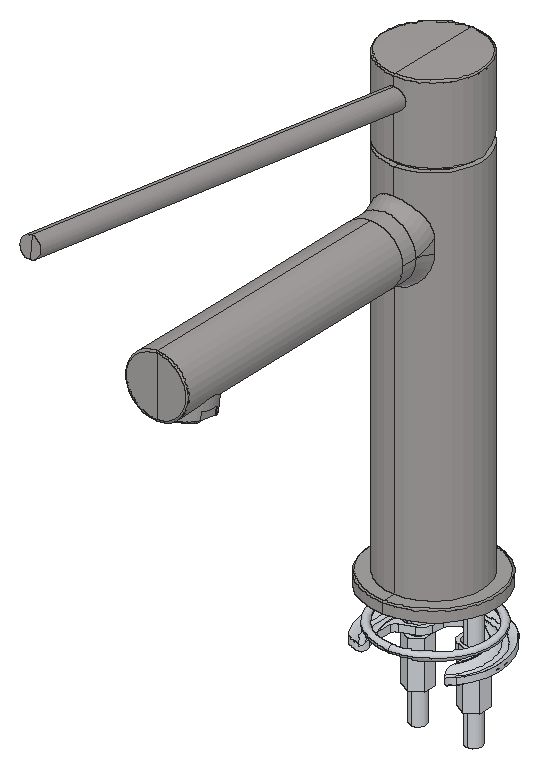
Revit family "Reece_Tap_Mizu_Drift_Basin Mixer_Straight_Extended Lever", category Plumbing Fixtures, host Face, Revit 2018
Family settings
  Host = Face
  Round Connector Dimension = Use Diameter
  Part Type = Normal
  Cut with Voids When Loaded = No
  Shared = Yes
  Room Calculation Point = Yes
Parameters (values of type "121 mm_Brushed Gunmetal")
  WFU = 0  # constant formula
  URL = "https://www.reece.com.au/product/-2267429"
  Type Comments = "Tap"
  Reece_Tap_Reach = 121.0 mm  # constant formula
  Reece_Tap_Inlet = 12.0 mm  # constant formula
  Reece_Tap_Clearance = 113.0 mm  # constant formula
  Reece_Product_Web Page = "https://www.reece.com.au/product/-2267429"
  Reece_Product_Type = "Tap"  # constant formula
  Reece_Product_Sub Brand = "Drift"  # constant formula
  Reece_Product_Number = "2267429"
  Reece_Product_Mount = "Hob Mounted"  # constant formula
  Reece_Product_Description = "Mizu Drift Basin Mixer Straight Spout with Extended Lever Tap Brushed Gunmetal (6 Star) Lead Free"
  Reece_Product_Brand = "Mizu"  # constant formula
  Reece_Overall_Length = 220.0 mm  # constant formula
  Reece_Overall_Height = 206.0 mm  # constant formula
  Reece_Nozzle_Pipe Radius = 12.0 mm  # constant formula
  Reece_Material_Main = Reece_Brass_Brushed Gunmetal
  Reece_Detail_Shape = "Straight"  # constant formula
  Reece_Detail_Installation = ""
  Reece_Detail_Disclaimer = "THIS FILE IS THE PROPERTY OF THE REECE GROUP. IT MAY NOT BE REPRODUCED, REVERSE-ENGINEERED, OR MODIFIED. ANY REPUBLICATION, TRANSMISSION, OR DISTRIBUTION FOR THE PURPOSE OF COMMERCIALLY EXPLOITING THE FILES IS PROHIBITED."  # constant formula
  Reece_Detail_Connector = ""
  Reece_Detail_Additional = "Extended Lever"  # constant formula
  Model = "Drift"
  Manufacturer = "Mizu"
  Keynote = "Product #2267429, Reece_Tap_Mizu_Drift_Basin Mixer_Straight_Extended Lever - 121 mm_Brushed Gunmetal"
  HWFU = 0  # constant formula
  Disclaimer = "THIS FILE IS THE PROPERTY OF THE REECE GROUP. IT MAY NOT BE REPRODUCED, REVERSE-ENGINEERED, OR MODIFIED. ANY REPUBLICATION, TRANSMISSION, OR DISTRIBUTION FOR THE PURPOSE OF COMMERCIALLY EXPLOITING THE FILES IS PROHIBITED."  # constant formula
  Description = "Mizu Drift Basin Mixer Straight Spout with Extended Lever Tap Brushed Gunmetal (6 Star) Lead Free"
  Default Elevation = 1000.0 mm
  CWFU = 0  # constant formula
Types (6, lengths in mm): name | URL | Reece_Product_Web Page | Reece_Product_Number | Reece_Product_Description | Reece_Material_Main | Keynote | Description
  121 mm_Brushed Nickel | "https://www.reece.com.au/product/-2267418" | "https://www.reece.com.au/product/-2267418" | "2267418" | "Mizu Drift Basin Mixer Straight Spout with Extended Lever Tap Brushed Nickel (6 Star) Lead Free" | Reece_Brass_Brushed Nickel | "Product #2267418, Reece_Tap_Mizu_Drift_Basin Mixer_Straight_Extended Lever - 121 mm_Brushed Nickel" | "Mizu Drift Basin Mixer Straight Spout with Extended Lever Tap Brushed Nickel (6 Star) Lead Free"
  121 mm_Chrome | "https://www.reece.com.au/product/-2267416" | "https://www.reece.com.au/product/-2267416" | "2267416" | "Mizu Drift Basin Mixer Straight Spout with Extended Lever Tap Chrome (6 Star) Lead Free" | Reece_Brass_Chrome | "Product #2267416, Reece_Tap_Mizu_Drift_Basin Mixer_Straight_Extended Lever - 121 mm_Chrome" | "Mizu Drift Basin Mixer Straight Spout with Extended Lever Tap Chrome (6 Star) Lead Free"
  121 mm_Matte Black | "https://www.reece.com.au/product/-2267417" | "https://www.reece.com.au/product/-2267417" | "2267417" | "Mizu Drift Basin Mixer Straight Spout with Extended Lever Tap Matte Black (6 Star) Lead Free" | Reece_Brass_Matte Black | "Product #2267417, Reece_Tap_Mizu_Drift_Basin Mixer_Straight_Extended Lever - 121 mm_Matte Black" | "Mizu Drift Basin Mixer Straight Spout with Extended Lever Tap Matte Black (6 Star) Lead Free"
  121 mm_Brushed Gunmetal | "https://www.reece.com.au/product/-2267429" | "https://www.reece.com.au/product/-2267429" | "2267429" | "Mizu Drift Basin Mixer Straight Spout with Extended Lever Tap Brushed Gunmetal (6 Star) Lead Free" | Reece_Brass_Brushed Gunmetal | "Product #2267429, Reece_Tap_Mizu_Drift_Basin Mixer_Straight_Extended Lever - 121 mm_Brushed Gunmetal" | "Mizu Drift Basin Mixer Straight Spout with Extended Lever Tap Brushed Gunmetal (6 Star) Lead Free"
  121 mm_Brushed Brass | "https://www.reece.com.au/product/-2267428" | "https://www.reece.com.au/product/-2267428" | "2267428" | "Mizu Drift Basin Mixer Straight Spout with Extended Lever Tap Brushed Brass (6 Star) Lead Free" | Reece_Brass_Brushed | "Product #2267428, Reece_Tap_Mizu_Drift_Basin Mixer_Straight_Extended Lever - 121 mm_Brushed Brass" | "Mizu Drift Basin Mixer Straight Spout with Extended Lever Tap Brushed Brass (6 Star) Lead Free"
  121 mm_Brushed Bronze | "https://www.reece.com.au/product/-2298928" | "https://www.reece.com.au/product/-2298928" | "2298928" | "Mizu Drift Basin Mixer Straight Spout with Extended Lever Tap Brushed Bronze (6 Star) Lead Free" | Reece_Brass_Brushed Bronze | "Product #2298928, Reece_Tap_Mizu_Drift_Basin Mixer_Straight_Extended Lever - 121 mm_Brushed Bronze" | "Mizu Drift Basin Mixer Straight Spout with Extended Lever Tap Brushed Bronze (6 Star) Lead Free"
Reference planes
  plane 1 "Center (Front/Back)": y = 0
  plane 2: z = 0
  plane 3 "Center (Left/Right)": x = 0
  plane 4: y = -19
  plane 5 "Top": z = 185
  plane 6: y = 24.5
  plane 7: y = -121
  plane 8: z = 113
  plane 9: through (0, -123.727, 93.965) normal (0, -0.9903, 0.1392)
  plane 10: through (0, -18.335, 174.209) normal (0, -0.9998, -0.0216)
  plane 11: z = 206
  plane 12: y = -195.5
Forms (mm)
  Revolve 1, solid, material "Reece_Brass_Brushed Gunmetal" <- "Reece_Material_Main"
    sketch origin (0, 0, 0) x (0, 1, 0) y (0, 0, 1)
      loop
        line (-19, 152.8) -> (-19, 4.5) -> (-17.5, 4.5) -> (-17.5, 7) -> (0, 7) -> (0, 157.8) -> (-13.55, 157.8) -> (-13.55, 161.484)
        arc (-13.55, 161.484) -> (-15.733, 157.339) -> (-16.892, 152.8) r 20
        line (-16.892, 152.8) -> (-19, 152.8)
      axis (0, 161.484) -> (0, 4.5)
    angle from 0 to 360
  Revolve 2, solid, material "Reece_Brass_Brushed Gunmetal" <- "Reece_Material_Main"
    sketch origin (0, 0, 0) x (0, 1, 0) y (0, 0, 1)
      loop
        line (-17.5, 4.5) -> (-24, 4.5)
        arc (-24, 4.5) -> (-24.354, 4.354) -> (-24.5, 4) r 0.5
        line (-24.5, 4) -> (-24.5, 0) -> (-22, 0) -> (-22, -1) -> (-18, -1) -> (-18, 2) -> (-16.5, 2) -> (-16.5, 5.5) -> (-17.5, 5.5) -> (-17.5, 4.5)
      axis (0, 5.5) -> (0, -1)
    angle from 0 to 360
  Revolve 3, solid, material "Reece_Brass_Brushed Gunmetal" <- "Reece_Material_Main"
    sketch origin (0, 0, 1) x (0, 1, 0) y (0, 0, 1)
      loop
        line (-19, 153.55) -> (-17.852, 153.55) -> (-17.5, 158.59) -> (-17.5, 162.3) -> (0, 162.3) -> (0, 184)
        arc (0, 184) -> (-9.246, 183.907) -> (-18.489, 183.63) r 465.11
        arc (-18.489, 183.63) -> (-18.852, 183.467) -> (-19, 183.099) r 0.532
        line (-19, 183.099) -> (-19, 153.55)
      axis (0, 184) -> (0, 153.55)
    angle from 0 to 360
  Extrusion 4, void
    sketch origin (0, 21.394, 163.687) x (0, 0.91357, 0.406681) y (1, 0, 0)
      loop
        line (14.799, 24.5) -> (-35.201, 24.5) -> (-35.201, -24.5) -> (14.799, -24.5) -> (14.799, 24.5)
    from 0 to 19
  Revolve 5, void
    sketch origin (0, 0, -1.813) x (0, 1, 0) y (0, 0, 1)
      loop
        line (17.434, 173.743) -> (17.434, 169.75) -> (20.568, 169.75) -> (20.568, 173.743) -> (17.434, 173.743)
      axis (20.568, 169.75) -> (17.434, 169.75)
    angle from 0 to 360
  Revolve 6, solid, material "Reece_Brass_Brushed Gunmetal" <- "Reece_Material_Main"
    sketch origin (0, 0, -1.813) x (0, 1, 0) y (0, 0, 1)
      loop
        arc (19.852, 169.75) -> (19.653, 171.536) -> (19.065, 173.234) r 8.104
        arc (19.065, 173.234) -> (18.801, 173.532) -> (18.419, 173.642) r 0.716
        line (18.419, 173.642) -> (17.555, 173.642) -> (17.555, 169.75) -> (19.852, 169.75)
      axis (17.555, 169.75) -> (19.852, 169.75)
    angle from 0 to 360
  Revolve 7, solid
    sketch origin (0, 0, 0) x (0, 1, 0) y (0, 0, 1)
      loop
        circle (22.2, -14) r 1.3
      axis (1, -14) -> (1, -13)
    angle from 0 to 360
  Extrusion 8, void
    sketch origin (0, 2, 7) x (1, 0, 0) y (0, 1, 0)
      loop
        circle (-7, -9.5) r 6.7
      loop
        circle (-10.749, 4.019) r 3.519
      loop
        circle (10.75, 4) r 3.5
      loop
        circle (7, -9.5) r 6.7
    from 0 to 4
  Extrusion 9, solid
    sketch origin (0, 2, 7) x (0, 1, 0) y (1, 0, 0)
      loop
        circle (4, 10.75) r 3
      loop
        circle (4, -10.75) r 3
    from 0 to 61.5
  Revolve 10, solid
    sketch origin (0, 0, 0) x (0, 1, 0) y (0, 0, 1)
      loop
        arc (18.75, -21.5) -> (21.75, -23) -> (24.75, -21.5) r 3.75
        line (24.75, -21.5) -> (25.75, -21.5) -> (25.75, -19)
        arc (25.75, -19) -> (24.212, -19.499) -> (22.941, -20.498) r 4.61
        arc (22.941, -20.498) -> (21.841, -21) -> (20.728, -20.527) r 1.5
        arc (20.728, -20.527) -> (19.122, -19.398) -> (17.2, -19) r 4.84
        line (17.2, -19) -> (17.2, -21.5) -> (18.75, -21.5)
      axis (0, -19) -> (0, -21.5)
    angle from 0 to 360
  Extrusion 11, solid
    sketch origin (0, 0, -23) x (1, 0, 0) y (0, 1, 0)
      loop
        arc (-9.053, 2.711) -> (-6.961, 7.197) -> (-11.447, 9.289) r 3.5
        line (-11.447, 9.289) -> (-13.326, 8.605)
        arc (-13.326, 8.605) -> (-15.418, 4.119) -> (-10.932, 2.027) r 3.5
        line (-10.932, 2.027) -> (-9.053, 2.711)
      loop
        arc (-5.01, 5.791) -> (-6.06, 3.288) -> (-8.263, 1.702) r 5
        line (-8.263, 1.702) -> (-13.684, -0.271)
        arc (-13.684, -0.271) -> (-14.638, -1.003) -> (-15, -2.15) r 2
        line (-15, -2.15) -> (-15, -8.417)
        arc (-15, -8.417) -> (0, 17.2) -> (15, -8.417) r 17.2
        line (15, -8.417) -> (15, -2.15)
        arc (15, -2.15) -> (14.638, -1.003) -> (13.684, -0.271) r 2
        line (13.684, -0.271) -> (8.263, 1.702)
        arc (8.263, 1.702) -> (6.06, 3.288) -> (5.01, 5.791) r 5
        line (5.01, 5.791) -> (4.466, 10.221)
        arc (4.466, 10.221) -> (0, 14.173) -> (-4.466, 10.221) r 4.5
        line (-4.466, 10.221) -> (-5.01, 5.791)
      loop
        arc (11.447, 9.289) -> (6.961, 7.197) -> (9.053, 2.711) r 3.5
        line (9.053, 2.711) -> (10.932, 2.027)
        arc (10.932, 2.027) -> (15.418, 4.119) -> (13.326, 8.605) r 3.5
        line (13.326, 8.605) -> (11.447, 9.289)
    from 1.5 to 4
  Extrusion 12, void
    sketch origin (0, 0, -23) x (1, 0, 0) y (0, 1, 0)
      loop
        line (27.556, -34.599) -> (27.556, -14.961) -> (20.958, -14.961)
        arc (20.958, -14.961) -> (17.049, -15.272) -> (15, -11.93) r 3.75
        line (15, -11.93) -> (15, -8.417) -> (-15, -8.417) -> (-15, -11.93)
        arc (-15, -11.93) -> (-17.049, -15.272) -> (-20.958, -14.961) r 3.75
        line (-20.958, -14.961) -> (-27.556, -14.961) -> (-27.556, -34.599) -> (27.556, -34.599)
    from 0 to 5
  Extrusion 13, solid
    sketch origin (0, 0, 0) x (1, 0, 0) y (0, 1, 0)
      loop
        circle (10.75, 6) r 3
      loop
        line (10.75, 11.196) -> (6.25, 8.598) -> (6.25, 3.402) -> (10.75, 0.804) -> (15.25, 3.402) -> (15.25, 8.598) -> (10.75, 11.196)
      loop
        circle (-10.75, 6) r 3
      loop
        line (-10.75, 11.196) -> (-15.25, 8.598) -> (-15.25, 3.402) -> (-10.75, 0.804) -> (-6.25, 3.402) -> (-6.25, 8.598) -> (-10.75, 11.196)
    from -41.5 to -23
  Extrusion 14, void
    sketch origin (0, 0, 0) x (1, 0, 0) y (0, 1, 0)
      loop
        circle (0, 0) r 22
    from 0 to -35
  Sweep 15, solid, material "Reece_Brass_Brushed Gunmetal" <- "Reece_Material_Main"
    path origin (0, -0.312, 1.5) x (0, 1, 0) y (0, 0, 1)
      loop
        line (-29.929, 137.5) -> (-23.438, 137.5)
        arc (-23.438, 137.5) -> (-19.902, 138.964) -> (-18.438, 142.5) r 5
        line (-18.438, 142.5) -> (-18.438, 147.5)
    profile origin (0, -26.996, 139) x (0, 0, 1) y (1, 0, 0)
      loop
        arc (-12, -12) -> (0, 0) -> (-12, 12) r 12
        line (-12, 12) -> (-12, -12)
  Sweep 16, solid, material "Reece_Brass_Brushed Gunmetal" <- "Reece_Material_Main"
    path origin (0, -0.312, 252.5) x (0, 1, 0) y (0, 0, -1)
      loop
        line (-29.929, 137.5) -> (-23.438, 137.5)
        arc (-23.438, 137.5) -> (-19.902, 138.964) -> (-18.438, 142.5) r 5
        line (-18.438, 142.5) -> (-18.438, 147.5)
    profile origin (0, -26.996, 115) x (0, 0, 1) y (1, 0, 0)
      loop
        line (12, -12) -> (12, 12)
        arc (12, 12) -> (0, 0) -> (12, -12) r 12
  Revolve 17, solid, material "Reece_Brass_Brushed Gunmetal" <- "Reece_Material_Main"
    sketch origin (0, 21.318, 2) x (0, 1, 0) y (0, 0, 1)
      loop
        line (-51.559, 137) -> (-154.818, 137)
        arc (-154.818, 137) -> (-155.172, 136.854) -> (-155.318, 136.5) r 0.5
        line (-155.318, 136.5) -> (-155.318, 125) -> (-51.559, 125) -> (-51.559, 137)
      axis (-51.559, 125) -> (-155.318, 125)
    angle from 0 to 360
  Revolve 18, solid, material "Reece_Brass_Brushed Gunmetal" <- "Reece_Material_Main"
    sketch origin (0, -0.082, 0) x (0, 1, 0) y (0, 0, 1)
      loop
        arc (-131.276, 115.327) -> (-131.18, 114.957) -> (-130.851, 114.763) r 0.5
        line (-130.851, 114.763) -> (-120.948, 113.371) -> (-118.324, 132.044) -> (-128.721, 133.505) -> (-131.276, 115.327)
      axis (-120.948, 113.371) -> (-118.324, 132.044)
    angle from 0 to 360
  Revolve 19, void
    sketch origin (0, -0.082, 0) x (0, 1, 0) y (0, 0, 1)
      loop
        line (-127.98, 114.668) -> (-129.021, 114.814) -> (-129.194, 113.586) -> (-128.153, 113.44) -> (-127.98, 114.668)
      axis (-121.078, 112.446) -> (-120.905, 113.674)
    angle from 0 to 360
  Extrusion 20, void
    sketch origin (0, -0.082, 0) x (0, 1, 0) y (0, 0, 1)
      loop
        line (-116.403, 116.238) -> (-124.512, 117.474) -> (-125.375, 111.811) -> (-117.134, 110.554) -> (-116.403, 116.238)
    from -11.747 to -9
  Extrusion 21, void
    sketch origin (0, -0.082, 0) x (0, 1, 0) y (0, 0, -1)
      loop
        line (-116.403, -116.238) -> (-117.134, -110.554) -> (-125.375, -111.811) -> (-124.512, -117.474) -> (-116.403, -116.238)
    from -11.747 to -9
  Extrusion 22, solid, material "Reece_Brass_Brushed Gunmetal" <- "Reece_Material_Main"
    sketch origin (0, 0, -116) x (0, 1, 0) y (0, 0, 1)
      loop
        arc (-23.75, 243) -> (-11.729, 238.021) -> (-6.75, 226) r 17
        line (-6.75, 226) -> (-6.75, 260)
        arc (-6.75, 260) -> (-11.729, 247.979) -> (-23.75, 243) r 17
    from -12 to 12
  Revolve 23, solid, material "Reece_Brass_Brushed Gunmetal" <- "Reece_Material_Main"
    sketch origin (0, -229.818, 400.932) x (0, -1, 0) y (0, 0, -1)
      loop
        line (-217.961, 221.636) -> (-35.476, 194.932) -> (-34.897, 198.89) -> (-217.382, 225.594) -> (-217.961, 221.636)
      axis (-217.382, 225.594) -> (-34.897, 198.89)
    angle from 0 to 360
Cuts and joins
  Extrusion 4, Revolve 5 cuts Revolve 3
  joined: Revolve 3, Revolve 23
  Extrusion 8 cuts Extrusion 9
  Extrusion 12 cuts Revolve 10
  Extrusion 8 cuts Revolve 2
  Extrusion 8 cuts Revolve 1
  Revolve 19 cuts Revolve 17
  Revolve 19, Extrusion 20, Extrusion 21 cuts Revolve 18
  joined: Revolve 1, Sweep 15, Sweep 16, Revolve 17, Revolve 18, Extrusion 22
Lines and regions (mm)
  reference lines
    curve 1: line (0, 42.299, 172.993) -> (0, 0.166, 154.237)
Text (mm)
  text "Reece Copyright © 2018, Reece Ltd." at (-747.266, -372.688, 0), in view "Ref. Level"
  text "Reece ©" at (-1.128, 151.197, 130.104), in view "Reece Preview"
Dimensions and locks
  locked: Revolve 1 sketch curve to Revolve 1 sketch curve at 2.5
  Revolve 1 sketch curve to Revolve 1 sketch curve = 19.0 mm
  Revolve 2 sketch curve to Revolve 2 sketch curve = 24.5 mm
  locked: Revolve 2 sketch curve to Revolve 2 sketch curve at 2.5
  locked: Revolve 2 sketch curve to Revolve 2 sketch curve at 3.5
  locked: Revolve 2 sketch curve to Revolve 2 sketch curve at 1
  Revolve 2 sketch curve to Revolve 2 sketch curve = 17.5 mm
  locked: Revolve 2 sketch curve to Revolve 2 sketch curve at 1.5
  Revolve 3 sketch curve to Revolve 3 sketch curve = 19.0 mm
  locked: Revolve 3 sketch curve to Revolve 3 sketch curve at 1.5
  Extrusion 4 sketch curve to curve 1 to Extrusion 4 sketch curve = 24.5 mm, 24.5 mm
  "Reece_Tap_Reach": plane 1 "Center (Front/Back)" to plane 7
  "Reece_Tap_Clearance": plane 8 to level
  "Reece_Overall_Length": plane 6 to plane 12
  "Reece_Overall_Height": plane 11 to level
  angle plane 7 to plane 9 = 8.00°
  aligned and locked: plane 2 to host face
  aligned and locked: level to host face
  aligned and locked: Revolve 3 sketch curve to Revolve 3 sketch curve
Automatic sketch dimensions
  host sketch curve to host sketch curve = 380.785 mm
  host sketch curve to host sketch curve = 317.421 mm
  curve 1 to plane 1 "Center (Front/Back)" = 0.166 mm
  curve 1 to plane 6 = 17.799 mm
  curve 1 to plane 5 "Top" = 12.007 mm
  Revolve 1 sketch curve to plane 4 = 0.0 mm
  Revolve 1 sketch curve to plane 1 "Center (Front/Back)" = 0.0 mm
  Revolve 1 sketch curve to Revolve 1 sketch curve = 1.5 mm
  Revolve 1 sketch curve to Revolve 1 sketch curve = 2.108 mm
  Revolve 1 sketch curve to plane 4 = 5.45 mm
  Revolve 1 sketch curve to plane 1 "Center (Front/Back)" = 2.932 mm
  level to Revolve 1 sketch curve = 4.5 mm
  Revolve 1 sketch curve to Revolve 1 sketch curve = 2.644 mm
  Revolve 1 sketch curve to Revolve 1 sketch curve = 7.644 mm
  Revolve 1 sketch curve to level = 340.81 mm
  plane 5 "Top" to Revolve 1 sketch curve = 2226.37 mm
  Revolve 2 sketch curve to level = 0.0 mm
  Revolve 2 sketch curve to plane 1 "Center (Front/Back)" = 0.0 mm
  Revolve 2 sketch curve to Revolve 2 sketch curve = 0.5 mm
  Revolve 2 sketch curve to level = 1.0 mm
  level to Revolve 2 sketch curve = 2.0 mm
  Revolve 2 sketch curve to Revolve 2 sketch curve = 4.0 mm
  Revolve 2 sketch curve to Revolve 2 sketch curve = 339.81 mm
  plane 5 "Top" to Revolve 2 sketch curve = 2226.37 mm
  Revolve 3 sketch curve to plane 4 = 0.0 mm
  Revolve 3 sketch curve to plane 5 "Top" = 0.0 mm
  Revolve 3 sketch curve to plane 4 = 0.532 mm
  Revolve 3 sketch curve to Revolve 3 sketch curve = 1.148 mm
  Revolve 3 sketch curve to plane 1 "Center (Front/Back)" = 0.055 mm
  Revolve 3 sketch curve to plane 5 "Top" = 0.901 mm
  Revolve 3 sketch curve to Revolve 3 sketch curve = 20.799 mm
  Revolve 3 sketch curve to Revolve 3 sketch curve = 3.71 mm
  Revolve 3 sketch curve to Revolve 3 sketch curve = 5.04 mm
  Revolve 3 sketch curve to level = 280.11 mm
  Revolve 3 sketch curve to Revolve 3 sketch curve = 59.7 mm
  Revolve 3 sketch curve to Revolve 3 sketch curve = 2176.364 mm
  Extrusion 4 sketch curve to curve 1 = 11.965 mm
  Extrusion 4 sketch curve to curve 1 = 8.083 mm
  plane 6 to Revolve 5 sketch curve = 7.066 mm
  Revolve 5 sketch curve to Revolve 5 sketch curve = 3.134 mm
  Revolve 5 sketch curve to plane 5 "Top" = 17.062 mm
  Revolve 5 sketch curve to Revolve 5 sketch curve = 3.993 mm
  Revolve 5 sketch curve to Revolve 5 sketch curve = 2.864 mm
  Revolve 5 sketch curve to plane 6 = 0.07 mm
  Revolve 5 sketch curve to Revolve 5 sketch curve = 0.0 mm
  Revolve 6 sketch curve to plane 1 "Center (Front/Back)" = 11.748 mm
  Revolve 6 sketch curve to Revolve 6 sketch curve = 5.807 mm
  Revolve 6 sketch curve to Revolve 6 sketch curve = 0.864 mm
  Revolve 6 sketch curve to Revolve 6 sketch curve = 2.297 mm
  Revolve 6 sketch curve to plane 5 "Top" = 17.062 mm
  Revolve 6 sketch curve to Revolve 6 sketch curve = 3.177 mm
  Revolve 6 sketch curve to Revolve 6 sketch curve = 0.716 mm
  Revolve 6 sketch curve to Revolve 6 sketch curve = 1.775 mm
  Revolve 6 sketch curve to plane 6 = 1.006 mm
  Revolve 6 sketch curve to Revolve 6 sketch curve = 0.0 mm
  plane 6 to Revolve 7 sketch curve = 2.3 mm
  Revolve 7 sketch curve to level = 14.0 mm  (x2)
  Revolve 7 sketch curve to plane 1 "Center (Front/Back)" = 1.0 mm
  Revolve 7 sketch curve to Revolve 7 sketch curve = 4.102 mm
  Revolve 1 to Extrusion 8 sketch curve = 10.749 mm
  Revolve 1 to Extrusion 8 sketch curve = 7.0 mm
  Extrusion 8 sketch curve to Revolve 1 = 7.0 mm
  Extrusion 8 sketch curve to Revolve 1 = 10.75 mm
  Extrusion 8 sketch curve to Extrusion 8 sketch curve = 0.0 mm
  Extrusion 8 sketch curve to Extrusion 8 sketch curve = 13.5 mm
  Extrusion 8 sketch curve to Extrusion 8 sketch curve = 13.519 mm
  Revolve 1 to Extrusion 9 sketch curve = 10.75 mm
  Extrusion 9 sketch curve to Extrusion 9 sketch curve = 0.0 mm
  Extrusion 9 sketch curve to Revolve 1 = 10.75 mm
  Revolve 10 sketch curve to plane 1 "Center (Front/Back)" = 0.0 mm
  plane 6 to Revolve 10 sketch curve = 7.3 mm
  Revolve 10 sketch curve to Revolve 10 sketch curve = 1.55 mm
  plane 6 to Revolve 10 sketch curve = 2.75 mm
  Revolve 10 sketch curve to Revolve 10 sketch curve = 0.072 mm
  Revolve 10 sketch curve to plane 6 = 0.25 mm
  Revolve 10 sketch curve to plane 6 = 1.25 mm
  Revolve 10 sketch curve to plane 6 = 1.882 mm
  Revolve 10 sketch curve to level = 23.84 mm
  Revolve 10 sketch curve to Revolve 10 sketch curve = 0.274 mm
  Revolve 10 sketch curve to Revolve 10 sketch curve = 2.34 mm
  Revolve 10 sketch curve to Revolve 10 sketch curve = 2.0 mm
  Revolve 10 sketch curve to Revolve 10 sketch curve = 0.25 mm
  Revolve 10 sketch curve to Revolve 10 sketch curve = 2.5 mm  (x2)
  Revolve 10 sketch curve to Revolve 10 sketch curve = 0.0 mm
  Revolve 10 sketch curve to Revolve 10 sketch curve = 316.97 mm
  plane 5 "Top" to Revolve 10 sketch curve = 658.832 mm
  plane 1 "Center (Front/Back)" to Extrusion 11 sketch curve = 0.0 mm
  Extrusion 11 sketch curve to plane 3 "Center (Left/Right)" = 0.0 mm  (x2)
  Extrusion 11 sketch curve to plane 3 "Center (Left/Right)" = 4.466 mm
  Extrusion 11 sketch curve to Extrusion 11 sketch curve = 0.544 mm  (x2)
  Extrusion 11 sketch curve to plane 1 "Center (Front/Back)" = 1.702 mm  (x2)
  Extrusion 11 sketch curve to Extrusion 11 sketch curve = 3.253 mm  (x2)
  Extrusion 11 sketch curve to plane 1 "Center (Front/Back)" = 2.711 mm
  Extrusion 11 sketch curve to Extrusion 11 sketch curve = 0.79 mm  (x2)
  Extrusion 11 sketch curve to Extrusion 11 sketch curve = 0.92 mm  (x2)
  Extrusion 11 sketch curve to Extrusion 11 sketch curve = 0.277 mm  (x2)
  Extrusion 11 sketch curve to plane 1 "Center (Front/Back)" = 2.027 mm  (x2)
  Extrusion 11 sketch curve to Extrusion 11 sketch curve = 1.879 mm  (x6)
  Extrusion 11 sketch curve to Extrusion 11 sketch curve = 1.474 mm  (x2)
  Extrusion 11 sketch curve to Extrusion 11 sketch curve = 2.068 mm  (x2)
  Extrusion 11 sketch curve to plane 1 "Center (Front/Back)" = 8.605 mm
  plane 1 "Center (Front/Back)" to Extrusion 11 sketch curve = 0.271 mm  (x2)
  Extrusion 11 sketch curve to Extrusion 11 sketch curve = 0.684 mm  (x2)
  Extrusion 11 sketch curve to Extrusion 11 sketch curve = 2.0 mm
  plane 3 "Center (Left/Right)" to Extrusion 11 sketch curve = 4.466 mm
  plane 1 "Center (Front/Back)" to Extrusion 11 sketch curve = 2.15 mm
  Extrusion 11 sketch curve to Extrusion 11 sketch curve = 6.266 mm
  Extrusion 11 sketch curve to Extrusion 11 sketch curve = 1.009 mm
  Extrusion 11 sketch curve to Extrusion 11 sketch curve = 3.289 mm
  Extrusion 11 sketch curve to Extrusion 11 sketch curve = 3.08 mm  (x2)
  Extrusion 11 sketch curve to Extrusion 11 sketch curve = 0.401 mm  (x2)
  Extrusion 11 sketch curve to Extrusion 11 sketch curve = 3.882 mm
  Extrusion 11 sketch curve to Extrusion 11 sketch curve = 4.43 mm
  Extrusion 12 sketch curve to plane 3 "Center (Left/Right)" = 27.556 mm
  Extrusion 12 sketch curve to Extrusion 12 sketch curve = 6.599 mm  (x2)
  Extrusion 12 sketch curve to Extrusion 12 sketch curve = 2.208 mm  (x2)
  Extrusion 12 sketch curve to Extrusion 12 sketch curve = 3.75 mm  (x2)
  plane 3 "Center (Left/Right)" to Extrusion 12 sketch curve = 15.0 mm
  plane 4 to Extrusion 12 sketch curve = 15.599 mm
  Extrusion 12 sketch curve to plane 4 = 4.039 mm  (x2)
  Extrusion 12 sketch curve to Extrusion 12 sketch curve = 3.514 mm
  Extrusion 13 sketch curve to plane 3 "Center (Left/Right)" = 15.25 mm
  Extrusion 13 sketch curve to plane 1 "Center (Front/Back)" = 0.804 mm  (x2)
  Extrusion 13 sketch curve to Extrusion 13 sketch curve = 4.5 mm  (x6)
  Extrusion 13 sketch curve to Extrusion 13 sketch curve = 0.0 mm  (x2)
  plane 3 "Center (Left/Right)" to Extrusion 13 sketch curve = 6.25 mm
  Extrusion 13 sketch curve to plane 1 "Center (Front/Back)" = 3.402 mm  (x4)
  Extrusion 13 sketch curve to Extrusion 13 sketch curve = 5.196 mm  (x7)
  Extrusion 13 sketch curve to Extrusion 13 sketch curve = 2.598 mm
  Extrusion 14 sketch curve to Extrusion 14 sketch curve = 0.0 mm  (x2)
  Extrusion 14 sketch curve to plane 3 "Center (Left/Right)" = 0.0 mm
  plane 1 "Center (Front/Back)" to Extrusion 14 sketch curve = 0.0 mm
  plane 4 to Extrusion 14 sketch curve = 3.0 mm
  plane 4 to Sweep 15 sketch curve = 4.75 mm
  Sweep 15 sketch curve to plane 4 = 0.25 mm
  Sweep 15 sketch curve to plane 5 "Top" = 46.0 mm
  Sweep 15 sketch curve to Sweep 15 sketch curve = 6.491 mm
  Sweep 15 sketch curve to plane 5 "Top" = 36.0 mm
  Sweep 15 sketch curve to profile plane = 0.0 mm
  profile plane to Sweep 15 sketch curve = 12.0 mm
  Sweep 15 sketch curve to profile plane = 12.0 mm
  Sweep 16 sketch curve to plane 4 = 4.75 mm
  plane 4 to Sweep 16 sketch curve = 0.25 mm
  Sweep 16 sketch curve to Sweep 16 sketch curve = 6.491 mm
  Sweep 16 sketch curve to Sweep 16 sketch curve = 5.0 mm
  Sweep 16 sketch curve to profile plane = 0.0 mm
  Sweep 16 sketch curve to profile plane = 12.0 mm
  Sweep 16 sketch curve to Sweep 16 sketch curve = 12.0 mm
  plane 4 to Revolve 18 sketch curve = 112.358 mm
  Revolve 18 sketch curve to Revolve 18 sketch curve = 0.426 mm
  Revolve 18 sketch curve to Revolve 18 sketch curve = 0.495 mm
  Revolve 18 sketch curve to plane 5 "Top" = 51.495 mm
  Revolve 18 sketch curve to Revolve 18 sketch curve = 2.555 mm
  Revolve 18 sketch curve to Revolve 18 sketch curve = 1.864 mm
  Revolve 18 sketch curve to Revolve 18 sketch curve = 0.654 mm
  plane 4 to Revolve 19 sketch curve = 110.276 mm
  Revolve 19 sketch curve to Revolve 19 sketch curve = 0.173 mm
  Revolve 19 sketch curve to Revolve 19 sketch curve = 6.918 mm
  Revolve 19 sketch curve to Revolve 19 sketch curve = 0.607 mm
  plane 4 to Extrusion 20 sketch curve = 106.457 mm
  Extrusion 20 sketch curve to Extrusion 20 sketch curve = 0.863 mm
  plane 4 to Extrusion 21 sketch curve = 106.457 mm
  Extrusion 21 sketch curve to Extrusion 21 sketch curve = 0.863 mm
  plane 4 to Extrusion 22 sketch curve = 4.75 mm  (x2)
  plane 1 "Center (Front/Back)" to Extrusion 22 sketch curve = 6.75 mm
  Extrusion 22 sketch curve to plane 5 "Top" = 41.0 mm
  Extrusion 22 sketch curve to Extrusion 22 sketch curve = 0.0 mm
  curve 1 to plane 5 "Top" = 30.762 mm
  Revolve 1 sketch curve to plane 5 "Top" = 34.844 mm
  plane 5 "Top" to Sweep 16 sketch curve = 70.0 mm
  Revolve 18 sketch curve to Revolve 18 sketch curve = 9.903 mm
  level to Revolve 18 sketch curve = 132.044 mm
  Revolve 18 sketch curve to Revolve 18 sketch curve = 10.398 mm
  Revolve 18 sketch curve to Revolve 18 sketch curve = 13.262 mm
  Revolve 18 sketch curve to Revolve 18 sketch curve = 4.65 mm
  Revolve 19 sketch curve to Revolve 19 sketch curve = 1.041 mm
  Revolve 19 sketch curve to plane 5 "Top" = 71.56 mm
  Revolve 19 sketch curve to Revolve 19 sketch curve = 0.146 mm
  Revolve 19 sketch curve to Revolve 19 sketch curve = 2.11 mm
  Revolve 19 sketch curve to Revolve 19 sketch curve = 4.32 mm
  Extrusion 20 sketch curve to Extrusion 20 sketch curve = 8.241 mm
  Extrusion 20 sketch curve to Extrusion 20 sketch curve = 0.732 mm
  Extrusion 20 sketch curve to plane 5 "Top" = 74.446 mm
  Extrusion 20 sketch curve to Extrusion 20 sketch curve = 1.256 mm
  Extrusion 21 sketch curve to Extrusion 21 sketch curve = 8.241 mm
  Extrusion 21 sketch curve to Extrusion 21 sketch curve = 0.732 mm
  Extrusion 21 sketch curve to plane 5 "Top" = 67.526 mm
  Extrusion 21 sketch curve to Extrusion 21 sketch curve = 1.236 mm
  Extrusion 22 sketch curve to Extrusion 22 sketch curve = 17.0 mm
  plane 4 to Revolve 17 sketch curve = 11.241 mm
  plane 8 to Revolve 17 sketch curve = 14.0 mm  (x2)
  Revolve 17 sketch curve to Revolve 17 sketch curve = 11.5 mm
  Revolve 17 sketch curve to Revolve 17 sketch curve = 21.864 mm
  plane 1 "Center (Front/Back)" to Revolve 17 sketch curve = 8.61 mm
  plane 7 to Revolve 17 sketch curve = 12.5 mm
  Revolve 17 sketch curve to Revolve 17 sketch curve = 0.5 mm
  Revolve 23 sketch curve to plane 4 = 7.144 mm
  Revolve 23 sketch curve to Revolve 23 sketch curve = 0.579 mm
  plane 5 "Top" to Revolve 23 sketch curve = 21.0 mm
  plane 7 to Revolve 23 sketch curve = 73.342 mm
  Revolve 23 sketch curve to Revolve 23 sketch curve = 3.958 mm
  plane 1 "Center (Front/Back)" to Revolve 23 sketch curve = 6.206 mm
  plane 5 "Top" to Revolve 23 sketch curve = 1.529 mm
  Revolve 23 sketch curve to plane 7 = 32.095 mm
  Revolve 23 sketch curve to Revolve 23 sketch curve = 0.912 mm
  radius of Revolve 7 sketch curve = 1.3 mm
  radius of Extrusion 8 sketch curve = 6.7 mm  (x2)
  radius of Extrusion 8 sketch curve = 3.519 mm
  radius of Extrusion 8 sketch curve = 3.5 mm
  radius of Extrusion 9 sketch curve = 3.0 mm  (x2)
  radius of Extrusion 13 sketch curve = 3.0 mm  (x2)
Connectors
  piping at (-7, -7.5, 11), diameter 12, driven by "Reece_Tap_Inlet"
    settings: on cut or joined group 1 (Revolve 1, Extrusion 8, Sweep 15, Sweep 16, Revolve 17, Revolve 18, Revolve 19, Extrusion 20, Extrusion 21, Extrusion 22), index 1, connector inside diameter 609.6 mm, connector length 0.0 mm, flow factor 0, pipe flow 0.0 L/s, pressure drop 0.0 Pa, fitting loss kfactor 0, connector angle 0.00°, fixture units 0, engagement length 0.0 mm, angle of deflection 0.00°, flow configuration 0, flow direction 2, fitting loss method 0, system type 29, joint type 0, gender type 0, connector reference index -1, connector utility 0, adjustable connector no, is connector primary yes, connector description "Hot Water"
  piping at (7, -7.5, 11), diameter 12, driven by "Reece_Tap_Inlet"
    settings: on cut or joined group 1, index 2, connector inside diameter 609.6 mm, connector length 0.0 mm, flow factor 0, pipe flow 0.0 L/s, pressure drop 0.0 Pa, fitting loss kfactor 0, connector angle 0.00°, fixture units 0, engagement length 0.0 mm, angle of deflection 0.00°, flow configuration 0, flow direction 2, fitting loss method 0, system type 29, joint type 0, gender type 0, connector reference index -1, connector utility 0, adjustable connector no, is connector primary no, connector description "Cold Water"
